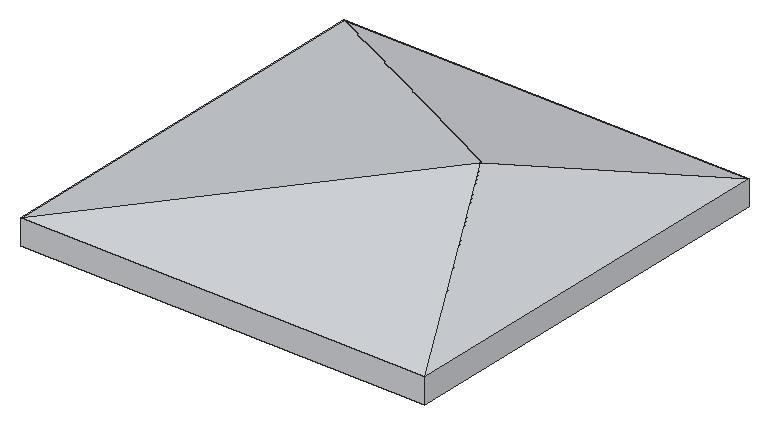
Revit family "Acoustic-Treatment_Wenger_Diffuser-Wall-Pyramidal", category Generic Models, Revit 2016
Family settings
  Part Type = Normal
  Can host rebar = No
  Round Connector Dimension = Use Diameter
  Work Plane-Based = Yes
  Always vertical = No
  Cut with Voids When Loaded = No
  Shared = No
  Room Calculation Point = No
Parameters
  Warranty Duration (Years) = 0
  Unit Width = 3' - 10 3/4"
  Unit Weight = 0
  Unit Length = 3' - 10 3/4"
  Unit Depth = 1' - 0"
  URL = "https://www.wengercorp.com/"
  Standards Conformance = "as Specified"
  Specification = "http://www.arcat.com/sdspecs/htm04/11_60_01wen.htm"
  SpecWizard = "http://www.arcat.com/specwizard/11061wen/index04.htm"
  Sales Information = "https://www.wengercorp.com/contact-us.php"
  Revision = "R1_2017-12"
  Pyramid Point_WidthAdjust = 3' - 0.1505"
  Pyramid Point_LengthAdjust = 1' - 9.30911"
  Product Properties = ""
  Product Data = "http://www.arcat.com/arcatcos/cos36/arc36487.html"
  Model = "As Specified"
  Manufacturer Website = "https://www.wengercorp.com/"
  Manufacturer Phone - Toll Free = ""
  Manufacturer Phone = ""
  Manufacturer Fax = ""
  Manufacturer Address = ""
  Manufacturer = "Wenger Corporation"
  Maintenance Schedule (Months) = 0
  Keynote = "11 60 01"
  Installation-Fabrication = ""
  Installation Phase = ""
  Green Building-LEED = "http://www.arcat.com/green/clients/leed_data_36487.html"
  First Depth = 0' - 2 7/8"
  Exterior Finish [instance] = none
  Expected Lifespan (Years) = 0
  Drawn By = "Sumex Design, Inc. / Robert S. Weygant, CSI, CDT, SCIP"
  Description = "Wenger Acoustic Product as Specified"
  Default Elevation = 0' - 0"
  Copyright = "©Arcat Inc."
  Construction Details = "http://www.arcat.com/details/wengerco/wengerco.html?coid=36487"
  Assembly Code = "E1020300"
Reference planes (in)
  plane 1 "Center (Front/Back)": y = 0
  plane 2 "Bottom": z = 0
  plane 3 "Center (Left/Right)": x = 0
  plane 4 "Front": y = -23.375
  plane 5 "Back": y = 23.375
  plane 6 "Left": x = -23.375
  plane 7 "Right": x = 23.375
  plane 8 "Top": z = 12
  plane 9: z = 2.875
  plane 10: y = -2.06589
  plane 11: x = 12.7755
Forms (in)
  Extrusion 1, solid, material <- "Exterior Finish"
    sketch origin (0, 0, 0) x (1, 0, 0) y (0, 1, 0)
      loop
        line (-23.375, 23.375) -> (-23.375, -23.375) -> (23.375, -23.375) -> (23.375, 23.375) -> (-23.375, 23.375)
    from 0 to 2.875
  Blend 2, solid, material <- "Exterior Finish"
    base sketch origin (-43.59721, -180, 2.875) x (-1, 0, 0) y (0, -1, 0)
      loop
        line (-20.22221, -203.375) -> (-20.22221, -156.625) -> (-66.97221, -156.625) -> (-66.97221, -203.375) -> (-20.22221, -203.375)
    top sketch origin (-43.59721, -180, 2.875) x (-1, 0, 0) y (0, -1, 0)
      loop
        line (-56.35709, -177.91848) -> (-56.38834, -177.91848) -> (-56.38834, -177.94973) -> (-56.35709, -177.94973) -> (-56.35709, -177.91848)
    from 0 to 9.125
Dimensions and locks (in)
  equal spacing: plane 6 "Left", plane 3 "Center (Left/Right)", plane 7 "Right"
  "Unit Width": plane 6 "Left" to plane 7 "Right"
  equal spacing: plane 5 "Back", plane 1 "Center (Front/Back)", plane 4 "Front"
  "Unit Length": plane 5 "Back" to plane 4 "Front"
  "Unit Depth": plane 8 "Top" to level
  "Pyramid Point_WidthAdjust": plane 6 "Left" to plane 11
  "Pyramid Point_LengthAdjust": plane 10 to plane 4 "Front"
  Blend 2 sketch curve to plane 11 to Blend 2 sketch curve = 0' - 0 1/64" locked, 0' - 0 1/64" locked
  Blend 2 sketch curve to plane 10 to Blend 2 sketch curve = 0' - 0 1/64" locked, 0' - 0 1/64" locked
  "First Depth": plane 9 to level
  aligned and locked: Extrusion 1 sketch curve to plane 5 "Back"
  aligned and locked: Extrusion 1 sketch curve to plane 6 "Left"
  aligned and locked: Extrusion 1 sketch curve to plane 4 "Front"
  aligned and locked: Extrusion 1 sketch curve to plane 7 "Right"
  aligned and locked: Extrusion 1 to plane 9
  aligned and locked: Blend 2 sketch curve to plane 5 "Back"
  aligned and locked: Blend 2 sketch curve to plane 7 "Right"
  aligned and locked: Blend 2 sketch curve to plane 4 "Front"
  aligned and locked: Blend 2 sketch curve to plane 6 "Left"
  aligned and locked: Blend 2 to plane 8 "Top"
